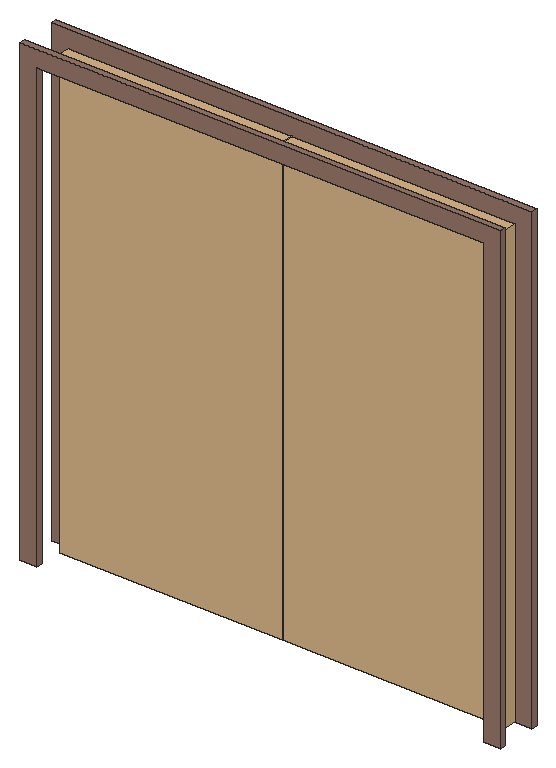
Revit family "Door-Double-Flush_Panel", category Doors, host Wall, Revit 2024
Family settings
  Host = Wall
  OmniClass Number = 23.30.10.00
  OmniClass Title = Doors
  Always vertical = Yes
  Cut with Voids When Loaded = No
  Shared = No
  Room Calculation Point = No
Parameters (values of type "68" x 80"")
  Visual Light Transmittance = 0
  Thickness = 0' - 2"
  Thermal Resistance (R) = 2.5876 (h·ft²·°F)/BTU
  Swing Angle [instance] = 90.00°
  Solar Heat Gain Coefficient = 0
  Panel Width = 1 / 2 * Width  # 3' - 3.37008"
  Define Thermal Properties by = Schematic Type
  Construction Type Id = "DOOR"
  Heat Transfer Coefficient (U) = 0.3865 BTU/(h·ft²·°F)
  Function = Interior
  Assembly Code = "C1020"
  Panel Material = Wood - Birch - Solid Stained Light Low Gloss
  Trim Material = Paint - Sienna
  Height = 6' - 6.74016"
  Trim Projection Ext = 0' - 1"
  Trim Projection Int = 0' - 1"
  Trim Width = 0' - 3"
  Wall Closure = By host
  Width = 6' - 6.74016"
  Analytic Construction = "Wooden"
Reference planes (in)
  plane 1 "Center(Front/Right)": y = 0
  plane 2: z = 0
  plane 3 "Center (Left/Right)": x = 0
  plane 4 "Left": x = -39.37008
  plane 5 "Right": x = 39.37008
  plane 6 "Top": z = 78.74016
  plane 7: y = 3
Forms (in)
  Extrusion 1, solid, material "Paint - Sienna" <- "Trim Material", detail levels fine
    sketch origin (-90, 3, 0) x (-1, 0, 0) y (0, 0, 1)
      loop
        line (-129.37008, 78.74016) -> (-50.62992, 78.74016) -> (-50.62992, 0) -> (-47.62992, 0) -> (-47.62992, 81.74016) -> (-132.37008, 81.74016) -> (-132.37008, 0) -> (-129.37008, 0) -> (-129.37008, 78.74016)
    from 0 to 1
  Extrusion 2, solid, material "Paint - Sienna" <- "Trim Material", detail levels fine
    sketch origin (-90, -3, 0) x (1, 0, 0) y (0, 0, 1)
      loop
        line (50.62992, 0) -> (50.62992, 78.74016) -> (129.37008, 78.74016) -> (129.37008, 0) -> (132.37008, 0) -> (132.37008, 81.74016) -> (47.62992, 81.74016) -> (47.62992, 0) -> (50.62992, 0)
    from 0 to 1
  Extrusion 3, solid, material "Wood - Birch - Solid Stained Light Low Gloss" <- "Panel Material"
    sketch origin (-60, 3, 0) x (-1, 0, 0) y (0, 0, 1)
      loop
        line (-60, 78.74016) -> (-60, 0) -> (-20.62992, 0) -> (-20.62992, 78.74016) -> (-60, 78.74016)
    from 0 to -2
  Extrusion 4, solid, material "Wood - Birch - Solid Stained Light Low Gloss" <- "Panel Material"
    sketch origin (0, 0, 0) x (-1, 0, 0) y (0, 0, 1)
      loop
        line (-39.37008, 78.74016) -> (-39.37008, 0) -> (0, 0) -> (0, 78.74016) -> (-39.37008, 78.74016)
    from 1 to 3
Lines and regions (in)
  Opening 1
    outline origin (-90, -3, 0) x (1, 0, 0) y (0, 0, 1)
      loop
        line (50.62992, 0) -> (129.37008, 0) -> (129.37008, 78.74016) -> (50.62992, 78.74016) -> (50.62992, 0)
  symbolic lines, style "Elevation Swing"
    curve 1: line (0, 0, 78.74016) -> (-39.37008, 0, 39.37008)
    curve 2: line (0, 0, 0) -> (-39.37008, 0, 39.37008)
    curve 3: line (0, 0, 0) -> (39.37008, 0, 39.37008)
    curve 4: line (39.37008, 0, 39.37008) -> (0, 0, 78.74016)
Text (in)
  text "Exterior" at (-58.67754, 39.5847, 0), in view "Ref. Level"
  text "Interior" at (-58.34764, -27.11922, 0), in view "Ref. Level"
  text "Exterior" at (0, 40.15149, 123.01588), in view "Right"
  text "Interior" at (0, -64.39139, 123.01588), in view "Right"
  text "Interior" at (0, -27.50358, 116.57024), in view "Left"
  text "Exterior" at (0, 54.57065, 116.57024), in view "Left"
Dimensions and locks (in)
  "Height": plane 2 to plane 6 "Top"
  "Trim Width": Extrusion 2 sketch curve to plane 4 "Left"
  "Trim Width": Extrusion 2 sketch curve to plane 5 "Right"
  "Trim Width": Extrusion 2 sketch curve to plane 6 "Top"
  "Trim Width": Extrusion 1 sketch curve to Extrusion 1 sketch curve  (x2)
  "Trim Width": Extrusion 1 sketch curve to plane 6 "Top"
  "Trim Projection Int": Extrusion 2 to host wall
  "Trim Projection Ext": Extrusion 1 to host wall
  "Thickness": Extrusion 3 to host wall
  "Width": plane 4 "Left" to plane 5 "Right"
  equal spacing: plane 4 "Left", plane 3 "Center (Left/Right)", plane 5 "Right"
  equal spacing: plane 6 "Top", curve 2, level
  equal spacing: plane 6 "Top", curve 4, level
  aligned and locked: plane 4 "Left" to Opening 1 sketch curve
  aligned and locked: plane 6 "Top" to Opening 1 sketch curve  (x2)
  aligned and locked: Opening 1 sketch curve to plane 5 "Right"
  aligned and locked: Opening 1 sketch curve to level
  aligned and locked: plane 6 "Top" to Extrusion 1 sketch curve  (x2)
  aligned and locked: plane 4 "Left" to Extrusion 1 sketch curve
  aligned and locked: Extrusion 1 sketch curve to plane 4 "Left"
  aligned and locked: plane 2 to Extrusion 1 sketch curve
  aligned and locked: Extrusion 1 sketch curve to plane 2
  aligned and locked: level to Extrusion 1 sketch curve
  aligned and locked: plane 5 "Right" to Extrusion 1 sketch curve
  aligned and locked: Extrusion 1 to host wall
  aligned and locked: plane 4 "Left" to Extrusion 2 sketch curve
  aligned and locked: plane 6 "Top" to Extrusion 2 sketch curve  (x2)
  aligned and locked: plane 5 "Right" to Extrusion 2 sketch curve  (x2)
  aligned and locked: level to Extrusion 2 sketch curve
  aligned and locked: Extrusion 2 sketch curve to level
  aligned and locked: plane 2 to Extrusion 2 sketch curve
  aligned and locked: Extrusion 2 to host wall
  aligned and locked: plane 7 to host wall
  aligned and locked: Extrusion 4 to Extrusion 3  (x2)
  aligned and locked: nested 1 to plane 5 "Right"
  aligned and locked: nested 1 to plane 7
  aligned and locked: nested 1 to plane 3 "Center (Left/Right)"
  aligned and locked: nested 2 to plane 4 "Left"
  aligned and locked: plane 7 to Extrusion 3
  aligned and locked: nested 2 to plane 3 "Center (Left/Right)"
  aligned and locked: plane 7 to nested 2
  aligned and locked: plane 7 to nested 1
Automatic sketch dimensions
  Extrusion 3 sketch curve to level = 0' - 0"
  Extrusion 3 sketch curve to plane 4 "Left" = 0' - 0"
  Extrusion 3 sketch curve to plane 6 "Top" = 0' - 0"
  Extrusion 3 sketch curve to plane 3 "Center (Left/Right)" = 0' - 0"
  Extrusion 4 sketch curve to level = 0' - 0"
  Extrusion 4 sketch curve to plane 5 "Right" = 0' - 0"
  Extrusion 4 sketch curve to plane 3 "Center (Left/Right)" = 0' - 0"
  Extrusion 4 sketch curve to plane 6 "Top" = 0' - 0"
  curve 1 to plane 3 "Center (Left/Right)" = 0' - 0"
  curve 1 to plane 6 "Top" = 0' - 0"
  curve 2 to plane 4 "Left" = 0' - 0"
  curve 4 to plane 5 "Right" = 0' - 0"
  curve 3 to level = 0' - 0"
  curve 2 to plane 3 "Center (Left/Right)" = 0' - 0"
Nested families (in)
  nested 1: "Door Swing-Single" at (39.37008, 3, 0), Swing Angle <- "Swing Angle", type "Single"
    with Swing Visible yes, Swing Angle 90.00°, Actual Angle 90.00°
  nested 2: "Door Swing-Single" at (-39.37008, 3, 0) x (-1, 0, 0) z (0, 0, 1), Swing Angle <- "Swing Angle", type "Single"
    with Swing Visible yes, Swing Angle 90.00°, Actual Angle 90.00°
Definition of nested family "Door Swing-Single"
  Parameters
    Width = 3' - 0"
    Thickness = 0' - 1 3/4"
    Swing Visible [instance] = Swing Angle > 1.00°  # yes
    Swing Angle [instance] = 45.00°
    Assembly Code = ""
    Analytic Construction = "<None>"
    Actual Angle [instance] = if(Swing Angle < 1.00°, 1.00°, Swing Angle)  # 45.00°
  Reference planes (in)
    plane 1 "Center (Front/Back)": y = 0
    plane 2: z = 0
    plane 3 "Center (Left/Right)": x = 0
    plane 4: x = -36
  Lines and regions (in)
    Masking region 1
      outline origin (0, 0, 0) x (-0.707107, 0.707107, 0) y (-0.707107, -0.707107, 0)
        loop
          line (0, 0) -> (36, 0) -> (36, 1.75) -> (0, 1.75) -> (0, 0)
    symbolic lines
      curve 1: line (0, 0, 0) -> (-36, 0, 0)
    symbolic lines, visible <- "Swing Visible"
      curve 2: arc (-36, 0, 0) -> (-33.25966, 13.7766, 0) -> (-25.45584, 25.45584, 0) r 36
    reference lines
      curve 3: line (0, 0, 0) -> (-25.45584, 25.45584, 0)
    model lines
      curve 4: line (0, 0, 0) -> (0, 0, 1)
  Dimensions and locks (in)
    "Width": plane 4 to plane 3 "Center (Left/Right)"
    locked: curve 2 to plane 3 "Center (Left/Right)"
    locked: curve 2 to plane 1 "Center (Front/Back)"
    "Width": curve 3 to curve 3
    "Thickness": Masking region 1 sketch curve to Masking region 1 sketch curve
    locked: curve 4 to plane 2 at 1
    "Width": radius of curve 2
    "Actual Angle": angle curve 2 to curve 2
    "Swing Angle": angle curve 3 to plane 1 "Center (Front/Back)"
    aligned and locked: curve 1 to plane 1 "Center (Front/Back)"
    aligned and locked: plane 3 "Center (Left/Right)" to curve 1
    aligned and locked: plane 3 "Center (Left/Right)" to curve 3
    aligned and locked: plane 1 "Center (Front/Back)" to curve 3
    aligned and locked: curve 3 to Masking region 1 sketch curve
    aligned and locked: Masking region 1 sketch curve to curve 3  (x2)
    aligned and locked: plane 3 "Center (Left/Right)" to curve 4
    aligned and locked: plane 2 to curve 4
